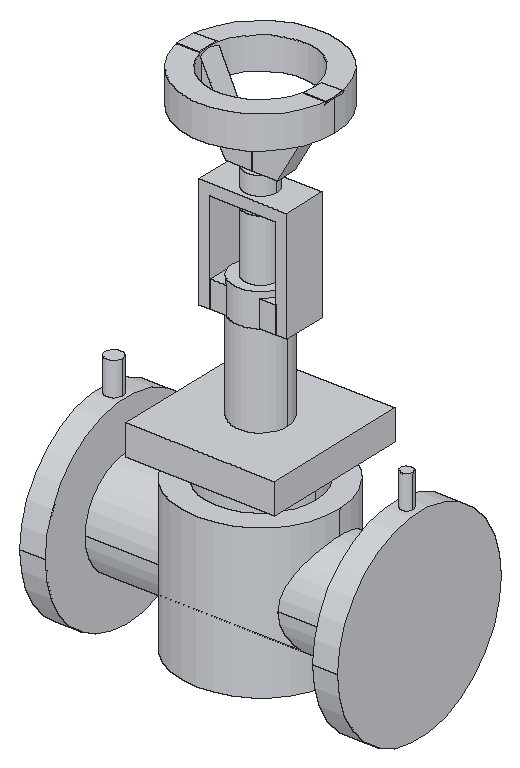
Revit family "Sigma_Compact_DN065-HF_PN16_RFA_2018", category Pipe Accessories, Revit 2018
Family settings
  Round Connector Dimension = Use Diameter
  Part Type = Valve - Breaks Into
  Work Plane-Based = No
  Always vertical = Yes
  Cut with Voids When Loaded = No
  Shared = No
Parameters (values of type "Sigma Compact DN 065 HF PN16")
  magiProductId = "93d22af618bf47d6be13ef3bd41a97"
  magiProductFamilyId = "01495da7eb234de3883c6bc9c8853e"
  magiPartTypeId = 304
  isMeasuringValve [instance] = no
  ang2D [instance] = 0.00°
  W2D = 50 mm
  VersionID = "2.0/2018.12.13.2/FRESE_SIGMA_C_BIG_Q13_001"
  Use Minimum Symbol Size [instance] = no
  URL = "www.hydronix.cz"
  Type Comments = "přírubový; PN16; max dp=800kPa; 0~+120°C; max uzavírací tlak 1MPa"
  R4 = 50.75 mm
  R3 = 48.1 mm
  R1 = 72.5 mm
  QmdConnectorList = "301;D;302;D"
  Productdata [instance] = ""
  Manufacturer = "Hydronix"
  Maintenance Zone Under Depth [instance] = 100 mm
  Maintenance Zone Right Depth [instance] = 100 mm
  Maintenance Zone Over Depth [instance] = 100 mm
  Maintenance Zone Left Depth [instance] = 100 mm
  Maintenance Zone Front Depth [instance] = 100 mm
  Maintenance Zone Back Depth [instance] = 100 mm
  Maintenance Zone Front Visibility [instance] = no
  MC Use Limits From Balancing Method = no
  MC Throttling Minimum Value = 0
  MC Throttling Maximum Value = 0
  MC Product Code = "53-2411 DN65; PN16; (5950-35000 l/h); kvs=47"
  MC Pressure Drop Minimum Value = 0.0 Pa
  MC Pressure Drop Maximum Value = 0.0 Pa
  MC Piping Given Pressure Drop [instance] = 0.0 Pa
  LF__ve = -LF  # -23.2 mm
  LF2 = 11.6 mm
  LF = 23.2 mm
  L432 = 23.853 mm
  L43 = 47.705 mm
  L42 = 68.15 mm
  L4 = 136.3 mm
  L3 = 243.6 mm
  L2D_Min = 30.48 mm
  L2D = 230 mm
  L2 = 145 mm
  HH12 = 16.5 mm
  HH1 = 33 mm
  HDF__ve = -HDF  # -199 mm
  HDF = 199 mm
  H6 = 85 mm
  H4 = 27.75 mm
  H3 = 23.125 mm
  H2 = 69.375 mm
  H11 = 138.75 mm
  H1 = 497 mm
  H = 384 mm
  Description = "Automatický vyvažovací ventil"
  DF2 = 92.5 mm
  D = 65 mm
  Clearance Zone Height Depth [instance] = 100 mm
  Clearance Zone Circular Radius [instance] = 145 mm
  Clearance Zone Visibility [instance] = no
  CAT0 = yes
Types (9, lengths in mm): name | magiProductId | Type Comments | R4 | R3 | R1 | MC Product Code | LF__ve | LF2 | LF | L432 | L43 | L42 | L4 | L3 | L2 | HH12 | HH1 | HDF__ve | HDF | H4 | H3 | H2 | H11 | H1 | H | DF2 | D | Clearance Zone Circular Radius
  Sigma Compact DN 050 HF PN16 | "68e8ec0e285d475ea5c3f8787337ca" | "přírubový; PN16; max dp=800kPa; 0~+120°C; max uzavírací tlak 1MPa" | 40.25 | 42.9 | 57.5 | "53-2410 DN50; PN16; (3920-24000 l/h); kvs=34" | -18.4 | 9.2 | 18.4 | 18.917 | 37.835 | 54.05 | 108.1 | 193.2 | 115 | 16.5 | 33 | -202 | 202 | 24.75 | 20.625 | 61.875 | 123.75 | 480 | 367 | 82.5 | 50 | 115
  Sigma Compact DN 065 HF PN16 | "93d22af618bf47d6be13ef3bd41a97" | "přírubový; PN16; max dp=800kPa; 0~+120°C; max uzavírací tlak 1MPa" | 50.75 | 48.1 | 72.5 | "53-2411 DN65; PN16; (5950-35000 l/h); kvs=47" | -23.2 | 11.6 | 23.2 | 23.853 | 47.705 | 68.15 | 136.3 | 243.6 | 145 | 16.5 | 33 | -199 | 199 | 27.75 | 23.125 | 69.375 | 138.75 | 497 | 384 | 92.5 | 65 | 145
  Sigma Compact DN 080 HF PN16 | "30d16928369c437789493110503824" | "přírubový; PN16; max dp=800kPa; 0~+120°C; max uzavírací tlak 1MPa" | 54.25 | 52 | 77.5 | "53-2412 DN80; PN16; (7020-43000 l/h); kvs=61" | -24.8 | 12.4 | 24.8 | 25.497 | 50.995 | 72.85 | 145.7 | 260.4 | 155 | 16.5 | 33 | -213 | 213 | 30 | 25 | 75 | 150 | 526 | 413 | 100 | 80 | 155
  Sigma Compact DN 100 HF PN16 | "cbc2fc0a341c4a2b87b0bcbf79c376" | "přírubový; PN16; max dp=800kPa; 0~+120°C; max uzavírací tlak 1MPa" | 61.25 | 61.1 | 87.5 | "53-2413 DN100; PN16; (14800-90000 l/h); kvs=104" | -28 | 14 | 28 | 28.788 | 57.575 | 82.25 | 164.5 | 294 | 175 | 34 | 68 | -331 | 331 | 35.25 | 29.375 | 88.125 | 176.25 | 714 | 566 | 117.5 | 100 | 175
  Sigma Compact DN 125 HF PN16 | "02452206f7594718b3d97e4e693144" | "přírubový; PN16; max dp=800kPa; 0~+120°C; max uzavírací tlak 1MPa" | 70 | 70.2 | 100 | "53-2414 DN125; PN16; (23000-135000 l/h); kvs=185" | -32 | 16 | 32 | 32.9 | 65.8 | 94 | 188 | 336 | 200 | 36.5 | 73 | -338 | 338 | 40.5 | 33.75 | 101.25 | 202.5 | 761 | 608 | 135 | 125 | 200
  Sigma Compact DN 150 HF PN16 | "2e5d0064e2dd45fa818d7fb779c9a5" | "přírubový; PN16; max dp=800kPa; 0~+110°C; max uzavírací tlak 1MPa" | 84 | 74.1 | 120 | "53-2415 DN150; PN16; (32000-195000 l/h); kvs=242" | -38.4 | 19.2 | 38.4 | 39.48 | 78.96 | 112.8 | 225.6 | 403.2 | 240 | 13 | 26 | -391 | 391 | 42.75 | 35.625 | 106.875 | 213.75 | 782 | 676 | 142.5 | 150 | 240
  Sigma Compact DN 200 HF PN16 | "9690c155034b41f3a54554dedb5edf" | "přírubový; PN16; max dp=800kPa; 0~+110°C; max uzavírací tlak 1MPa" | 105 | 98.8 | 150 | "53-2416 DN200; PN16; (130000-280000 l/h); kvs=317" | -48 | 24 | 48 | 49.35 | 98.7 | 141 | 282 | 504 | 300 | 29.5 | 59 | -334 | 334 | 57 | 47.5 | 142.5 | 285 | 853 | 714 | 190 | 200 | 300
  Sigma Compact DN 250 HF PN16 | "baee3668eb0d4f168225ec1ed946f7" | "přírubový; PN16; max dp=800kPa; 0~+110°C; max uzavírací tlak 1MPa" | 127.75 | 115.44 | 182.5 | "53-2417 DN250; PN16; (245000-600000 l/h); kvs=717" | -58.4 | 29.2 | 58.4 | 60.042 | 120.085 | 171.55 | 343.1 | 613.2 | 365 | 29 | 58 | -462 | 462 | 66.6 | 55.5 | 166.5 | 333 | 1044 | 906 | 222 | 250 | 365
  Sigma Compact DN 300 HF PN16 | "f903017b03a74a7ebca8b59c0516bf" | "přírubový; PN16; max dp=800kPa; 0~+110°C; max uzavírací tlak 1MPa" | 148.75 | 135.2 | 212.5 | "53-2418 DN300; PN16; (245000-600000 l/h); kvs=717" | -68 | 34 | 68 | 69.912 | 139.825 | 199.75 | 399.5 | 714 | 425 | 29 | 58 | -424 | 424 | 78 | 65 | 195 | 390 | 1082 | 944 | 260 | 300 | 425
Reference planes
  plane 1 "Center (Front/Back)": y = 0
  plane 2 "XYPLANE": z = 0
  plane 3 "Center (Left/Right)": x = 0
  plane 4 "298": y = -192.5
  plane 5 "297": y = 192.5
  plane 6 "296": y = -92.5
  plane 7 "295": y = 92.5
  plane 8 "294": z = -192.5
  plane 9 "293": z = 504.5
  plane 10 "292": x = -245
  plane 11 "291": x = 245
  plane 12 "290": z = 504.5
  plane 13 "256": y = -20
  plane 14 "254": z = 298
  plane 15 "253": z = 308
  plane 16 "252": x = -40
  plane 17 "251": x = -30
  plane 18 "250": x = 40
  plane 19 "249": x = 30
  plane 20 "247": z = 205.25
  plane 21 "244": z = 291.5
  plane 22 "243": x = 68.15
  plane 23 "242": x = 47.705
  plane 24 "241": x = 23.853
  plane 25 "240": y = -10
  plane 26 "238": x = -23.853
  plane 27 "237": x = -47.705
  plane 28 "236": z = 324.5
  plane 29 "235": z = 354.5
  plane 30 "234": x = -68.15
  plane 31 "225": z = 404.5
  plane 32 "224": z = -92.5
  plane 33 "157": x = 133.4
  plane 34 "156": x = -133.4
  plane 35 "155": z = 92.5
  plane 36 "154": z = 120.25
  plane 37 "153": z = 92.5
  plane 38 "152": z = 69.375
  plane 39 "151": x = -121.8
  plane 40 "150": z = -69.375
  plane 41 "149": x = 0
  plane 42 "148": y = 0
  plane 43 "147": z = 0
  plane 44 "146": x = -145
  plane 45 "145": x = 145
Forms (mm)
  Blend 1, solid, visible <- "Maintenance Zone Front Visibility"
    base sketch origin (-750, 0, 504.5) x (1, 0, 0) y (0, 1, 0)
      loop
        line (505, 192.5) -> (505, -192.5) -> (995, -192.5) -> (995, 192.5) -> (505, 192.5)
    top sketch origin (-750, 0, 504.5) x (1, 0, 0) y (0, 1, 0)
      loop
        line (505, 192.5) -> (505, -192.5) -> (995, -192.5) -> (995, 192.5) -> (505, 192.5)
    from 0 to -697
  Blend 2, solid, visible <- "Clearance Zone Visibility"
    base sketch origin (-750, 0, 0) x (1, 0, 0) y (0, 1, 0)
      loop
        circle (750, 0) r 145
    top sketch origin (-750, 0, 0) x (1, 0, 0) y (0, 1, 0)
      loop
        circle (750, 0) r 145
    from 0 to 504.5
  Extrusion 3, solid
    sketch origin (-750, 0, 291.5) x (1, 0, 0) y (0, 1, 0)
      loop
        circle (750, 0) r 14.935
    from 0 to -199 <- "HDF__ve"
  Extrusion 4, solid
    sketch origin (-750, 0, 205.25) x (1, 0, 0) y (0, 1, 0)
      loop
        line (780, 20) -> (720, 20) -> (720, -20) -> (780, -20) -> (780, 20)
    from 0 to 25
  Extrusion 5, solid
    sketch origin (750, -20, 0) x (-1, 0, 0) y (0, 0, 1)
      loop
        line (790, 205.25) -> (790, 308) -> (710, 308) -> (710, 205.25) -> (720, 205.25) -> (720, 298) -> (780, 298) -> (780, 205.25) -> (790, 205.25)
    from 0 to 40
  Extrusion 6, solid
    sketch origin (-750, 0, 205.25) x (1, 0, 0) y (0, 1, 0)
      loop
        circle (750, 0) r 25
    from 0 to 30
  Extrusion 7, solid
    sketch origin (750, -10, 0) x (-1, 0, 0) y (0, 0, 1)
      loop
        line (797.705, 404.5) -> (773.853, 354.5) -> (750, 354.5) -> (750, 324.5) -> (773.853, 324.5) -> (818.15, 404.5) -> (797.705, 404.5)
    from 0 to 20
  Extrusion 8, solid
    sketch origin (750, -10, 0) x (-1, 0, 0) y (0, 0, 1)
      loop
        line (702.295, 404.5) -> (681.85, 404.5) -> (726.147, 324.5) -> (750, 324.5) -> (750, 354.5) -> (726.147, 354.5) -> (702.295, 404.5)
    from 0 to 20
  Extrusion 9, solid
    sketch origin (-750, 0, 291.5) x (1, 0, 0) y (0, 1, 0)
      loop
        circle (750, 0) r 14.935
    from 0 to 33 <- "HH1"
  Extrusion 10, solid
    sketch origin (-750, 0, 404.5) x (1, 0, 0) y (0, 1, 0)
      loop
        circle (750, 0) r 68.15
      loop
        circle (750, 0) r 47.705
    from 0 to -30
  Extrusion 11, solid, visible <- "CAT0"
    sketch origin (-750, 0, 92.5) x (1, 0, 0) y (0, 1, 0)
      loop
        circle (883.4, 0) r 5.5
    from 0 to 30
  Extrusion 12, solid, visible <- "CAT0"
    sketch origin (-750, 0, 92.5) x (1, 0, 0) y (0, 1, 0)
      loop
        circle (616.6, 0) r 7.9
    from 0 to 30
  Extrusion 13, solid, visible <- "CAT0"
    sketch origin (-750, 0, 120.25) x (1, 0, 0) y (0, 1, 0)
      loop
        circle (750, 0) r 24.935
    from 0 to 85 <- "H6"
  Extrusion 14, solid, visible <- "CAT0"
    sketch origin (-750, 0, 92.5) x (1, 0, 0) y (0, 1, 0)
      loop
        line (818.15, 68.15) -> (681.85, 68.15) -> (681.85, -68.15) -> (818.15, -68.15) -> (818.15, 68.15)
    from 0 to 27.75 <- "H4"
  Extrusion 15, solid, visible <- "CAT0"
    sketch origin (-750, 0, 69.375) x (1, 0, 0) y (0, 1, 0)
      loop
        circle (750, 0) r 50.75
    from 0 to 23.125 <- "H3"
  Extrusion 16, solid, visible <- "CAT0"
    sketch origin (-121.8, -750, 0) x (0, 1, 0) y (0, 0, 1)
      loop
        circle (750, 0) r 48.1
    from 0 to 243.6 <- "L3"
  Extrusion 17, solid, visible <- "CAT0"
    sketch origin (-750, 0, -69.375) x (1, 0, 0) y (0, 1, 0)
      loop
        circle (750, 0) r 72.5
    from 0 to 138.75 <- "H11"
  Extrusion 18, solid, visible <- "CAT0"
    sketch origin (-145, -750, 0) x (0, 1, 0) y (0, 0, 1)
      loop
        circle (750, 0) r 92.5
    from 0 to 23.2 <- "LF"
  Extrusion 19, solid, visible <- "CAT0"
    sketch origin (145, -750, 0) x (0, 1, 0) y (0, 0, 1)
      loop
        circle (750, 0) r 92.5
    from 0 to -23.2 <- "LF__ve"
  Extrusion 20, solid, not visible
    sketch origin (-145, -750, 0) x (0, 1, 0) y (0, 0, 1)
      loop
        circle (750, 0) r 10
    from 0 to 10
  Extrusion 21, solid, not visible
    sketch origin (145, -750, 0) x (0, 1, 0) y (0, 0, 1)
      loop
        circle (750, 0) r 10
    from 0 to -10
Lines and regions (mm)
  reference lines, not visible
    curve 1: circle (2, 2, 0) r 1 normal (0, 0, 1)
  reference lines
    curve 2: circle (0, 0, 92.5) r 1 normal (0, 0, 1)
Dimensions and locks
  plane 1 "Center (Front/Back)" to curve 1 = 2 mm
  "Maintenance Zone Front Depth": plane 6 "296" to plane 4 "298"
  "Maintenance Zone Back Depth": plane 7 "295" to plane 5 "297"
  "DF2": plane 42 "148" to plane 6 "296"
  "DF2": plane 42 "148" to plane 7 "295"
  "Maintenance Zone Under Depth": plane 32 "224" to plane 8 "294"
  "Maintenance Zone Over Depth": plane 31 "225" to plane 9 "293"
  "Maintenance Zone Left Depth": plane 44 "146" to plane 10 "292"
  "Maintenance Zone Right Depth": plane 45 "145" to plane 11 "291"
  "Clearance Zone Height Depth": plane 31 "225" to plane 12 "290"
  locked: plane 25 "240" to plane 13 "256" at 10
  locked: plane 15 "253" to plane 14 "254" at 10
  "HH12": plane 21 "244" to plane 15 "253"
  locked: plane 17 "251" to plane 16 "252" at 10
  locked: plane 41 "149" to plane 17 "251" at 30
  locked: plane 19 "249" to plane 18 "250" at 10
  locked: plane 41 "149" to plane 19 "249" at 30
  "H6": plane 36 "154" to plane 20 "247"
  "H": plane 32 "224" to plane 21 "244"
  "L42": plane 41 "149" to plane 22 "243"
  "L43": plane 41 "149" to plane 23 "242"
  "L432": plane 41 "149" to plane 24 "241"
  locked: plane 42 "148" to plane 25 "240" at 10
  "L432": plane 41 "149" to plane 26 "238"
  "L43": plane 41 "149" to plane 27 "237"
  locked: plane 29 "235" to plane 28 "236" at 30
  locked: plane 31 "225" to plane 29 "235" at 50
  "L42": plane 41 "149" to plane 30 "234"
  "H1": plane 32 "224" to plane 31 "225"
  "DF2": plane 2 "XYPLANE" to plane 32 "224"
  "LF2": plane 45 "145" to plane 33 "157"
  "LF2": plane 44 "146" to plane 34 "156"
  "DF2": plane 2 "XYPLANE" to plane 35 "155"
  "H4": plane 37 "153" to plane 36 "154"
  "H3": plane 38 "152" to plane 37 "153"
  "H11": plane 40 "150" to plane 38 "152"
  "LF": plane 44 "146" to plane 39 "151"
  "H2": plane 2 "XYPLANE" to plane 40 "150"
  locked: plane 3 "Center (Left/Right)" to plane 41 "149"
  locked: plane 1 "Center (Front/Back)" to plane 42 "148"
  locked: plane 2 "XYPLANE" to plane 43 "147"
  "L2": plane 3 "Center (Left/Right)" to plane 44 "146"
  "L2": plane 3 "Center (Left/Right)" to plane 45 "145"
  Blend 1 sketch curve to Blend 1 sketch curve = 0 mm  (x16)
  Extrusion 4 sketch curve to Extrusion 4 sketch curve = 0 mm  (x8)
  Extrusion 5 sketch curve to Extrusion 5 sketch curve = 0 mm  (x16)
  Extrusion 7 sketch curve to Extrusion 7 sketch curve = 0 mm  (x12)
  Extrusion 8 sketch curve to Extrusion 8 sketch curve = 0 mm  (x12)
  equal spacing: Extrusion 14 sketch curve, curve 2, Extrusion 14 sketch curve  (x2)
  "L4": Extrusion 14 sketch curve to Extrusion 14 sketch curve  (x2)
  Extrusion 14 sketch curve to Extrusion 14 sketch curve = 0 mm  (x8)
  "Clearance Zone Circular Radius": radius of Blend 2 sketch curve  (x2)
  "L42": radius of Extrusion 10 sketch curve
  "L43": radius of Extrusion 10 sketch curve
  "R4": radius of Extrusion 15 sketch curve
  "R3": radius of Extrusion 16 sketch curve
  "R1": radius of Extrusion 17 sketch curve
  "DF2": radius of Extrusion 18 sketch curve
  "DF2": radius of Extrusion 19 sketch curve
  aligned and locked: level to plane 2 "XYPLANE"
  aligned and locked: Blend 1 sketch curve to plane 5 "297"  (x2)
  aligned and locked: plane 10 "292" to Blend 1 sketch curve  (x4)
  aligned and locked: plane 11 "291" to Blend 1 sketch curve  (x4)
  aligned and locked: plane 5 "297" to Blend 1 sketch curve  (x2)
  aligned and locked: plane 4 "298" to Blend 1 sketch curve  (x4)
  aligned and locked: Blend 1 to plane 8 "294"
  aligned and locked: plane 41 "149" to Blend 2 sketch curve  (x2)
  aligned and locked: plane 42 "148" to Blend 2 sketch curve  (x2)
  aligned and locked: plane 12 "290" to Blend 2
  aligned and locked: plane 41 "149" to Extrusion 3 sketch curve
  aligned and locked: plane 42 "148" to Extrusion 3 sketch curve
  aligned and locked: Extrusion 5 sketch curve to plane 16 "252"
  aligned and locked: plane 20 "247" to Extrusion 5 sketch curve  (x4)
  aligned and locked: plane 15 "253" to Extrusion 5 sketch curve  (x2)
  aligned and locked: plane 16 "252" to Extrusion 5 sketch curve
  aligned and locked: plane 18 "250" to Extrusion 5 sketch curve  (x2)
  aligned and locked: plane 19 "249" to Extrusion 5 sketch curve  (x2)
  aligned and locked: plane 14 "254" to Extrusion 5 sketch curve  (x2)
  aligned and locked: plane 17 "251" to Extrusion 5 sketch curve  (x2)
  aligned and locked: plane 41 "149" to Extrusion 6 sketch curve
  aligned and locked: plane 42 "148" to Extrusion 6 sketch curve
  aligned and locked: plane 27 "237" to Extrusion 7 sketch curve
  aligned and locked: plane 31 "225" to Extrusion 7 sketch curve  (x2)
  aligned and locked: plane 26 "238" to Extrusion 7 sketch curve  (x2)
  aligned and locked: plane 29 "235" to Extrusion 7 sketch curve  (x2)
  aligned and locked: plane 41 "149" to Extrusion 7 sketch curve  (x2)
  aligned and locked: plane 28 "236" to Extrusion 7 sketch curve  (x2)
  aligned and locked: plane 30 "234" to Extrusion 7 sketch curve
  aligned and locked: plane 23 "242" to Extrusion 8 sketch curve
  aligned and locked: plane 31 "225" to Extrusion 8 sketch curve  (x2)
  aligned and locked: plane 24 "241" to Extrusion 8 sketch curve  (x2)
  aligned and locked: plane 29 "235" to Extrusion 8 sketch curve  (x2)
  aligned and locked: plane 41 "149" to Extrusion 8 sketch curve  (x2)
  aligned and locked: plane 28 "236" to Extrusion 8 sketch curve  (x2)
  aligned and locked: plane 22 "243" to Extrusion 8 sketch curve
  aligned and locked: plane 41 "149" to Extrusion 9 sketch curve
  aligned and locked: plane 42 "148" to Extrusion 9 sketch curve
  aligned and locked: plane 41 "149" to Extrusion 10 sketch curve  (x2)
  aligned and locked: plane 42 "148" to Extrusion 10 sketch curve  (x2)
  aligned and locked: plane 33 "157" to Extrusion 11 sketch curve
  aligned and locked: plane 42 "148" to Extrusion 11 sketch curve
  aligned and locked: plane 34 "156" to Extrusion 12 sketch curve
  aligned and locked: plane 42 "148" to Extrusion 12 sketch curve
  aligned and locked: plane 41 "149" to Extrusion 13 sketch curve
  aligned and locked: plane 42 "148" to Extrusion 13 sketch curve
  aligned and locked: plane 41 "149" to curve 2
  aligned and locked: plane 42 "148" to curve 2
  aligned and locked: plane 41 "149" to Extrusion 15 sketch curve
  aligned and locked: plane 42 "148" to Extrusion 15 sketch curve
  aligned and locked: Extrusion 16 sketch curve to plane 42 "148"
  aligned and locked: plane 43 "147" to Extrusion 16 sketch curve
  aligned and locked: plane 41 "149" to Extrusion 17 sketch curve
  aligned and locked: plane 42 "148" to Extrusion 17 sketch curve
  aligned and locked: Extrusion 18 sketch curve to plane 42 "148"
  aligned and locked: plane 43 "147" to Extrusion 18 sketch curve
  aligned and locked: Extrusion 19 sketch curve to plane 42 "148"
  aligned and locked: plane 43 "147" to Extrusion 19 sketch curve
  aligned and locked: Extrusion 20 sketch curve to plane 42 "148"
  aligned and locked: plane 43 "147" to Extrusion 20 sketch curve
  aligned and locked: Extrusion 21 sketch curve to plane 42 "148"
  aligned and locked: plane 43 "147" to Extrusion 21 sketch curve
Automatic sketch dimensions
  plane 26 "238" to Extrusion 3 sketch curve = 8.917 mm
  Extrusion 4 sketch curve to plane 17 "251" = 0 mm
  Extrusion 4 sketch curve to plane 13 "256" = 0 mm
  Extrusion 4 sketch curve to plane 19 "249" = 0 mm
  Extrusion 4 sketch curve to plane 1 "Center (Front/Back)" = 20 mm
  plane 17 "251" to Extrusion 6 sketch curve = 5 mm
  plane 26 "238" to Extrusion 9 sketch curve = 8.917 mm
  Extrusion 11 sketch curve to plane 33 "157" = 5.5 mm
  plane 44 "146" to Extrusion 12 sketch curve = 3.7 mm
  Extrusion 13 sketch curve to plane 26 "238" = 1.083 mm
  Extrusion 20 sketch curve to plane 25 "240" = 0 mm
  Extrusion 21 sketch curve to plane 25 "240" = 0 mm
  plane 3 "Center (Left/Right)" to curve 1 = 2 mm
  Extrusion 14 sketch curve to plane 30 "234" = 0 mm
  plane 6 "296" to Extrusion 14 sketch curve = 24.35 mm
  radius of curve 2 = 1 mm
  radius of curve 1 = 1 mm
Connectors
  piping at (-145, 0, 0), diameter 65, driven by "D"
    settings: on Extrusion 20, index 1, connector inside diameter 609.6 mm, connector length 0 mm, flow factor 0, pipe flow 0.0 L/s, pressure drop 0.0 Pa, fitting loss kfactor 0, connector angle 0.00°, fixture units 0, engagement length 0 mm, angle of deflection 0.00°, flow configuration 0, flow direction 0, fitting loss method 0, system type 29, joint type 0, gender type 0, connector reference index 2, connector utility 0, adjustable connector no, is connector primary yes, connector description ""
  piping at (145, 0, 0), diameter 65, driven by "D"
    settings: on Extrusion 21, index 2, connector inside diameter 609.6 mm, connector length 0 mm, flow factor 0, pipe flow 0.0 L/s, pressure drop 0.0 Pa, fitting loss kfactor 0, connector angle 0.00°, fixture units 0, engagement length 0 mm, angle of deflection 0.00°, flow configuration 0, flow direction 0, fitting loss method 0, system type 29, joint type 0, gender type 0, connector reference index 1, connector utility 0, adjustable connector no, is connector primary no, connector description ""
